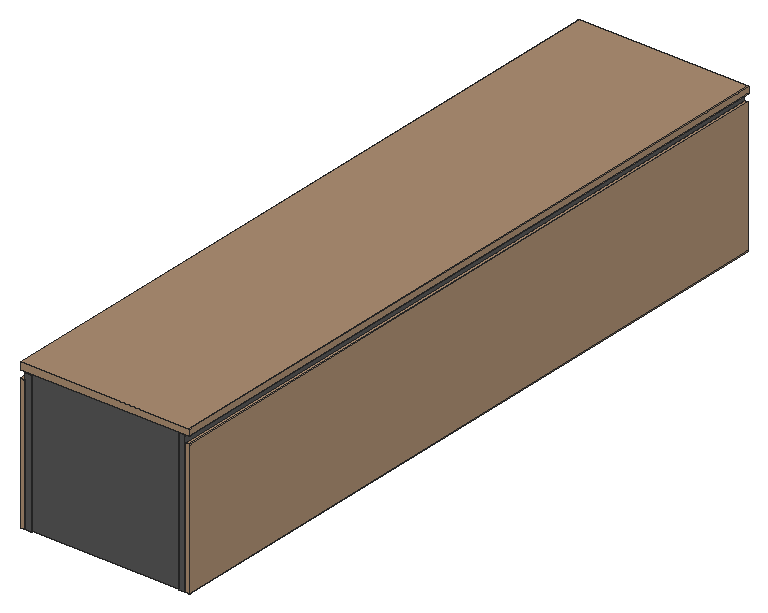
Revit family "Sanitary_Compound-Units_hansgrohe_54288XXX-Xilesa-E-Tall-cabinet_400-350_hinge-right", category Furniture, host Face, Revit 2022
Family settings
  Host = Face
  OmniClass Number = 23.21.19.15.33.13
  OmniClass Title = Residential Bathroom Specialty Casework
  Cut with Voids When Loaded = No
  Render Appearance Source = Family Geometry
  Shared = No
  Room Calculation Point = No
Parameters (values of type "550 Cashmere Oak")
  Version = 1  # constant formula
  URL = "https://www.hansgrohe.com/"
  Product data url = "https://www.bimobject.com/en/hansgrohe/product/54288XXX"
  Product Page URL = "https://www.hansgrohe.com/articledetail--54288550"
  Model = "54288XXX"  # constant formula
  Material 3 = Hansgrohe - Metal - Black
  Material 2 = Hansgrohe - MDF - Matt Black
  Material 1 = Hansgrohe - MDF - 550 Cashmere Oak (vertical)
  Manufacturer = "Hansgrohe"  # constant formula
  Height = 0 mm
  Description = "Xilesa E Tall cabinet 400/350, door hinge right"  # constant formula
  Default Elevation = 0 mm
  Date Updated = ""
  Date Created = "2024/02/03"  # constant formula
Types (5, lengths in mm): name | Material 1
  (no name) | Hansgrohe - MDF - 550 Cashmere Oak (vertical)
  550 Cashmere Oak | Hansgrohe - MDF - 550 Cashmere Oak (vertical)
  700 Matt White | Hansgrohe - MDF - 700 Matt White
  760 Slate Matt Grey | Hansgrohe - MDF - 760 Slate Matt Grey
  780 Sand Matt Beige | Hansgrohe - MDF - 780 Sand Matt Beige
Reference planes
  plane 1 "Center (Front/Back)": y = 0
  plane 2: z = 0
  plane 3 "Center (Left/Right)": x = 0
  plane 4: x = -200
  plane 5: x = 200
  plane 6: y = -1650
  plane 7: z = 350
Dimensions and locks
  aligned and locked: plane 2 to host face
  aligned and locked: level to host face
Nested families
  nested 1: "54288XXX" at (0, -1650, 0) x (1, 0, 0) z (0, 1, 0), Material 1 <- "Material 1", Material 2 <- "Material 2", Material 3 <- "Material 3", type "54288XXX"
    with Material 3 Hansgrohe - Metal - Black, Material 2 Hansgrohe - MDF - Matt Black, Material 1 Hansgrohe - MDF - 550 Cashmere Oak (vertical)
Definition of nested family "54288XXX"
  Parameters (values of type "54288XXX")
    Version = 1  # constant formula
    URL = "https://www.hansgrohe.com/"
    Product data url = "https://www.bimobject.com/en/hansgrohe/product/54288XXX"
    Product Page URL = "https://www.hansgrohe.com/articledetail--54288550"
    Model = "54288XXX"  # constant formula
    Material 3 [instance] = none
    Material 2 [instance] = none
    Material 1 [instance] = none
    Manufacturer = "Hansgrohe"  # constant formula
    Description = "Xilesa E Tall cabinet 400/350, door hinge right"  # constant formula
    Default Elevation = 1219.2 mm
    Date Updated = ""
    Date Created = "2024/12/16"  # constant formula
  Reference planes
    plane 1 "Center (Front/Back)": y = 0
    plane 2: z = 0
    plane 3 "Center (Left/Right)": x = 0
  Forms (mm)
    Extrusion 1, solid, material <- "Material 1", detail levels medium+fine
      sketch origin (0, 0, 0) x (1, 0, 0) y (0, 1, 0)
        loop
          line (-190.6, 0) -> (-199.2, 0)
          arc (-199.2, 0) -> (-199.766, -0.234) -> (-200, -0.8) r 0.8
          line (-200, -0.8) -> (-200, -315.9)
          arc (-200, -315.9) -> (-199.766, -316.466) -> (-199.2, -316.7) r 0.8
          line (-199.2, -316.7) -> (-190.6, -316.7)
          arc (-190.6, -316.7) -> (-190.034, -316.466) -> (-189.8, -315.9) r 0.8
          line (-189.8, -315.9) -> (-189.8, -0.8)
          arc (-189.8, -0.8) -> (-190.034, -0.234) -> (-190.6, 0) r 0.8
        loop
          arc (190.6, 0) -> (190.034, -0.234) -> (189.8, -0.8) r 0.8
          line (189.8, -0.8) -> (189.8, -315.9)
          arc (189.8, -315.9) -> (190.034, -316.466) -> (190.6, -316.7) r 0.8
          line (190.6, -316.7) -> (199.2, -316.7)
          arc (199.2, -316.7) -> (199.766, -316.466) -> (200, -315.9) r 0.8
          line (200, -315.9) -> (200, -0.8)
          arc (200, -0.8) -> (199.766, -0.234) -> (199.2, 0) r 0.8
          line (199.2, 0) -> (190.6, 0)
      from 0 to 1650
    Extrusion 2, solid, material <- "Material 1", detail levels medium+fine
      sketch origin (0, 0, 0) x (1, 0, 0) y (0, 1, 0)
        loop
          line (-199.2, -350) -> (199.2, -350)
          arc (199.2, -350) -> (199.766, -349.766) -> (200, -349.2) r 0.8
          line (200, -349.2) -> (200, -334.5)
          arc (200, -334.5) -> (199.766, -333.934) -> (199.2, -333.7) r 0.8
          line (199.2, -333.7) -> (-199.2, -333.7)
          arc (-199.2, -333.7) -> (-199.766, -333.934) -> (-200, -334.5) r 0.8
          line (-200, -334.5) -> (-200, -349.2)
          arc (-200, -349.2) -> (-199.766, -349.766) -> (-199.2, -350) r 0.8
      from 0 to 1650
    Extrusion 3, solid, material <- "Material 2", detail levels medium+fine
      sketch origin (0, 0, 0) x (1, 0, 0) y (0, 1, 0)
        loop
          line (-189.8, -0.8) -> (-189.8, -330.9)
          arc (-189.8, -330.9) -> (-189.566, -331.466) -> (-189, -331.7) r 0.8
          line (-189, -331.7) -> (-174.6, -331.7)
          arc (-174.6, -331.7) -> (-174.034, -331.466) -> (-173.8, -330.9) r 0.8
          line (-173.8, -330.9) -> (-173.8, -0.8)
          arc (-173.8, -0.8) -> (-174.034, -0.234) -> (-174.6, 0) r 0.8
          line (-174.6, 0) -> (-189, 0)
          arc (-189, 0) -> (-189.566, -0.234) -> (-189.8, -0.8) r 0.8
        loop
          arc (189.8, -0.8) -> (189.566, -0.234) -> (189, 0) r 0.8
          line (189, 0) -> (174.6, 0)
          arc (174.6, 0) -> (174.034, -0.234) -> (173.8, -0.8) r 0.8
          line (173.8, -0.8) -> (173.8, -330.9)
          arc (173.8, -330.9) -> (174.034, -331.466) -> (174.6, -331.7) r 0.8
          line (174.6, -331.7) -> (189, -331.7)
          arc (189, -331.7) -> (189.566, -331.466) -> (189.8, -330.9) r 0.8
          line (189.8, -330.9) -> (189.8, -0.8)
      from 0 to 1650
    Extrusion 4, solid, material <- "Material 2", detail levels fine
      sketch origin (0, 0, 0) x (1, 0, 0) y (0, 1, 0)
        loop
          line (-173.8, -17) -> (-173.8, -20) -> (173.8, -20) -> (173.8, -17) -> (-173.8, -17)
      from 17 to 1637.136
    Extrusion 5, solid, material <- "Material 2", detail levels fine
      sketch origin (0, 0, 0) x (1, 0, 0) y (0, 1, 0)
        loop
          line (-173.8, -1) -> (-173.8, -333.7) -> (173.8, -333.7) -> (173.8, -1) -> (-173.8, -1)
      from 0 to 17
    Extrusion 6, solid, material <- "Material 1", detail levels coarse
      sketch origin (0, 0, 0) x (1, 0, 0) y (0, 1, 0)
        loop
          line (-200, 0) -> (-200, -350) -> (200, -350) -> (200, 0) -> (-200, 0)
      from 0 to 1650
    Extrusion 7, solid, material <- "Material 2", detail levels medium+fine
      sketch origin (0, 0, 585) x (0, 1, 0) y (0, 0, 1)
        loop
          line (-330.2, 1048) -> (-2, 1048)
          arc (-2, 1048) -> (-1.293, 1048.293) -> (-1, 1049) r 1
          line (-1, 1049) -> (-1, 1063)
          arc (-1, 1063) -> (-1.293, 1063.707) -> (-2, 1064) r 1
          line (-2, 1064) -> (-330.2, 1064)
          arc (-330.2, 1064) -> (-330.907, 1063.707) -> (-331.2, 1063) r 1
          line (-331.2, 1063) -> (-331.2, 1049)
          arc (-331.2, 1049) -> (-330.907, 1048.293) -> (-330.2, 1048) r 1
      from -173.8 to 173.8
    Extrusion 8, solid, material <- "Material 3", detail levels fine
      sketch origin (30, -112, 314) x (-1, 0, 0) y (0, 0, -1)
        loop
          arc (-119.8, -482) -> (-120.972, -479.172) -> (-123.8, -478) r 4
          line (-123.8, -478) -> (-138.8, -478)
          arc (-138.8, -478) -> (-141.628, -479.172) -> (-142.8, -482) r 4
          line (-142.8, -482) -> (-142.8, -540)
          arc (-142.8, -540) -> (-141.628, -542.829) -> (-138.8, -544) r 4
          line (-138.8, -544) -> (-123.8, -544)
          arc (-123.8, -544) -> (-120.972, -542.829) -> (-119.8, -540) r 4
          line (-119.8, -540) -> (-119.8, -482)
      from 218.9 to 221.7
    Extrusion 9, solid, material <- "Material 3", detail levels fine
      sketch origin (30, -112, 314) x (0, 1, 0) y (0, 0, -1)
        loop
          arc (-149.706, -520.501) -> (-147.938, -519.768) -> (-147.206, -518.001) r 2.5
          line (-147.206, -518.001) -> (-147.206, -504.001)
          arc (-147.206, -504.001) -> (-147.938, -502.233) -> (-149.706, -501.501) r 2.5
          line (-149.706, -501.501) -> (-172.206, -501.501)
          arc (-172.206, -501.501) -> (-175.035, -500.329) -> (-176.206, -497.501) r 4
          line (-176.206, -497.501) -> (-176.206, -489.501)
          arc (-176.206, -489.501) -> (-176.938, -487.733) -> (-178.706, -487.001) r 2.5
          line (-178.706, -487.001) -> (-188.706, -487.001)
          arc (-188.706, -487.001) -> (-190.474, -487.733) -> (-191.206, -489.501) r 2.5
          line (-191.206, -489.501) -> (-191.206, -497.501)
          arc (-191.206, -497.501) -> (-192.378, -500.329) -> (-195.206, -501.501) r 4
          line (-195.206, -501.501) -> (-206.544, -501.501) -> (-206.544, -520.501) -> (-195.206, -520.501)
          arc (-195.206, -520.501) -> (-192.378, -521.672) -> (-191.206, -524.501) r 4
          line (-191.206, -524.501) -> (-191.206, -532.501)
          arc (-191.206, -532.501) -> (-190.474, -534.268) -> (-188.706, -535.001) r 2.5
          line (-188.706, -535.001) -> (-178.706, -535.001)
          arc (-178.706, -535.001) -> (-176.938, -534.268) -> (-176.206, -532.501) r 2.5
          line (-176.206, -532.501) -> (-176.206, -524.501)
          arc (-176.206, -524.501) -> (-175.035, -521.672) -> (-172.206, -520.501) r 4
          line (-172.206, -520.501) -> (-149.706, -520.501)
      from -143.8 to -140.45
    Extrusion 10, solid, material <- "Material 3", detail levels fine
      sketch origin (30, -112, 314) x (-1, 0, 0) y (0, -1, 0)
        loop
          line (-126.45, 219.2) -> (-140.45, 219.2) -> (-140.45, 147.206) -> (-138.299, 147.206) -> (-138.299, 155.486) -> (-133.066, 160.422) -> (-130.658, 160.187) -> (-126.45, 219.2)
      from 504.25 to 517.75
    Extrusion 11, solid, material <- "Material 3", detail levels fine
      sketch origin (30, -112, -426.001) x (-1, 0, 0) y (0, 0, -1)
        loop
          arc (-119.8, -482) -> (-120.972, -479.172) -> (-123.8, -478) r 4
          line (-123.8, -478) -> (-138.8, -478)
          arc (-138.8, -478) -> (-141.628, -479.172) -> (-142.8, -482) r 4
          line (-142.8, -482) -> (-142.8, -540)
          arc (-142.8, -540) -> (-141.628, -542.829) -> (-138.8, -544) r 4
          line (-138.8, -544) -> (-123.8, -544)
          arc (-123.8, -544) -> (-120.972, -542.829) -> (-119.8, -540) r 4
          line (-119.8, -540) -> (-119.8, -482)
      from 218.9 to 221.7
    Extrusion 12, solid, material <- "Material 3", detail levels fine
      sketch origin (30, -112, -426.001) x (0, 1, 0) y (0, 0, -1)
        loop
          arc (-149.706, -520.501) -> (-147.938, -519.768) -> (-147.206, -518.001) r 2.5
          line (-147.206, -518.001) -> (-147.206, -504.001)
          arc (-147.206, -504.001) -> (-147.938, -502.233) -> (-149.706, -501.501) r 2.5
          line (-149.706, -501.501) -> (-172.206, -501.501)
          arc (-172.206, -501.501) -> (-175.035, -500.329) -> (-176.206, -497.501) r 4
          line (-176.206, -497.501) -> (-176.206, -489.501)
          arc (-176.206, -489.501) -> (-176.938, -487.733) -> (-178.706, -487.001) r 2.5
          line (-178.706, -487.001) -> (-188.706, -487.001)
          arc (-188.706, -487.001) -> (-190.474, -487.733) -> (-191.206, -489.501) r 2.5
          line (-191.206, -489.501) -> (-191.206, -497.501)
          arc (-191.206, -497.501) -> (-192.378, -500.329) -> (-195.206, -501.501) r 4
          line (-195.206, -501.501) -> (-206.544, -501.501) -> (-206.544, -520.501) -> (-195.206, -520.501)
          arc (-195.206, -520.501) -> (-192.378, -521.672) -> (-191.206, -524.501) r 4
          line (-191.206, -524.501) -> (-191.206, -532.501)
          arc (-191.206, -532.501) -> (-190.474, -534.268) -> (-188.706, -535.001) r 2.5
          line (-188.706, -535.001) -> (-178.706, -535.001)
          arc (-178.706, -535.001) -> (-176.938, -534.268) -> (-176.206, -532.501) r 2.5
          line (-176.206, -532.501) -> (-176.206, -524.501)
          arc (-176.206, -524.501) -> (-175.035, -521.672) -> (-172.206, -520.501) r 4
          line (-172.206, -520.501) -> (-149.706, -520.501)
      from -143.8 to -140.45
    Extrusion 13, solid, material <- "Material 3", detail levels fine
      sketch origin (30, -112, -426.001) x (-1, 0, 0) y (0, -1, 0)
        loop
          line (-126.45, 219.2) -> (-140.45, 219.2) -> (-140.45, 147.206) -> (-138.299, 147.206) -> (-138.299, 155.486) -> (-133.066, 160.422) -> (-130.658, 160.187) -> (-126.45, 219.2)
      from 504.25 to 517.75
    Extrusion 14, solid, material <- "Material 3", detail levels fine
      sketch origin (30, -112, 1054) x (-1, 0, 0) y (0, 0, -1)
        loop
          arc (-119.8, -482) -> (-120.972, -479.172) -> (-123.8, -478) r 4
          line (-123.8, -478) -> (-138.8, -478)
          arc (-138.8, -478) -> (-141.628, -479.172) -> (-142.8, -482) r 4
          line (-142.8, -482) -> (-142.8, -540)
          arc (-142.8, -540) -> (-141.628, -542.829) -> (-138.8, -544) r 4
          line (-138.8, -544) -> (-123.8, -544)
          arc (-123.8, -544) -> (-120.972, -542.829) -> (-119.8, -540) r 4
          line (-119.8, -540) -> (-119.8, -482)
      from 218.9 to 221.7
    Extrusion 15, solid, material <- "Material 3", detail levels fine
      sketch origin (30, -112, 1054) x (0, 1, 0) y (0, 0, -1)
        loop
          arc (-149.706, -520.501) -> (-147.938, -519.768) -> (-147.206, -518.001) r 2.5
          line (-147.206, -518.001) -> (-147.206, -504.001)
          arc (-147.206, -504.001) -> (-147.938, -502.233) -> (-149.706, -501.501) r 2.5
          line (-149.706, -501.501) -> (-172.206, -501.501)
          arc (-172.206, -501.501) -> (-175.035, -500.329) -> (-176.206, -497.501) r 4
          line (-176.206, -497.501) -> (-176.206, -489.501)
          arc (-176.206, -489.501) -> (-176.938, -487.733) -> (-178.706, -487.001) r 2.5
          line (-178.706, -487.001) -> (-188.706, -487.001)
          arc (-188.706, -487.001) -> (-190.474, -487.733) -> (-191.206, -489.501) r 2.5
          line (-191.206, -489.501) -> (-191.206, -497.501)
          arc (-191.206, -497.501) -> (-192.378, -500.329) -> (-195.206, -501.501) r 4
          line (-195.206, -501.501) -> (-206.544, -501.501) -> (-206.544, -520.501) -> (-195.206, -520.501)
          arc (-195.206, -520.501) -> (-192.378, -521.672) -> (-191.206, -524.501) r 4
          line (-191.206, -524.501) -> (-191.206, -532.501)
          arc (-191.206, -532.501) -> (-190.474, -534.268) -> (-188.706, -535.001) r 2.5
          line (-188.706, -535.001) -> (-178.706, -535.001)
          arc (-178.706, -535.001) -> (-176.938, -534.268) -> (-176.206, -532.501) r 2.5
          line (-176.206, -532.501) -> (-176.206, -524.501)
          arc (-176.206, -524.501) -> (-175.035, -521.672) -> (-172.206, -520.501) r 4
          line (-172.206, -520.501) -> (-149.706, -520.501)
      from -143.8 to -140.45
    Extrusion 16, solid, material <- "Material 3", detail levels fine
      sketch origin (30, -112, 1054) x (-1, 0, 0) y (0, -1, 0)
        loop
          line (-126.45, 219.2) -> (-140.45, 219.2) -> (-140.45, 147.206) -> (-138.299, 147.206) -> (-138.299, 155.486) -> (-133.066, 160.422) -> (-130.658, 160.187) -> (-126.45, 219.2)
      from 504.25 to 517.75
  Lines and regions (mm)
    Masking region 1
      outline origin (0, 0, 0) x (1, 0, 0) y (0, 0, 1)
        loop
          line (-199, 0) -> (0, 0) -> (199, 0)
          arc (199, 0) -> (199.707, 0.293) -> (200, 1) r 1
          line (200, 1) -> (200, 1649)
          arc (200, 1649) -> (199.707, 1649.707) -> (199, 1650) r 1
          line (199, 1650) -> (-199, 1650)
          arc (-199, 1650) -> (-199.707, 1649.707) -> (-200, 1649) r 1
          line (-200, 1649) -> (-200, 1)
          arc (-200, 1) -> (-199.707, 0.293) -> (-199, 0) r 1
    Masking region 2
      outline origin (0, 0, 0) x (0, 1, 0) y (0, 0, 1)
        loop
          line (-1, 1650) -> (-330.7, 1650)
          arc (-330.7, 1650) -> (-331.407, 1649.707) -> (-331.7, 1649) r 1
          line (-331.7, 1649) -> (-331.7, 1634.125) -> (-333.7, 1634.3) -> (-333.7, 1649)
          arc (-333.7, 1649) -> (-333.993, 1649.707) -> (-334.7, 1650) r 1
          line (-334.7, 1650) -> (-349, 1650)
          arc (-349, 1650) -> (-349.707, 1649.707) -> (-350, 1649) r 1
          line (-350, 1649) -> (-350, 1)
          arc (-350, 1) -> (-349.707, 0.293) -> (-349, 0) r 1
          line (-349, 0) -> (-334.7, 0)
          arc (-334.7, 0) -> (-333.993, 0.293) -> (-333.7, 1) r 1
          line (-333.7, 1) -> (-333.7, 15.692) -> (-331.7, 15.867) -> (-331.7, 1)
          arc (-331.7, 1) -> (-331.407, 0.293) -> (-330.7, 0) r 1
          line (-330.7, 0) -> (-1, 0)
          arc (-1, 0) -> (-0.293, 0.293) -> (0, 1) r 1
          line (0, 1) -> (0, 1649)
          arc (0, 1649) -> (-0.293, 1649.707) -> (-1, 1650) r 1
    Masking region 3
      outline origin (0, 0, 0) x (1, 0, 0) y (0, 1, 0)
        loop
          arc (200, -1) -> (199.707, -0.293) -> (199, 0) r 1
          line (199, 0) -> (174.8, 0)
          arc (174.8, 0) -> (174.093, -0.293) -> (173.8, -1) r 1
          line (173.8, -1) -> (0, -1) -> (-173.8, -1)
          arc (-173.8, -1) -> (-174.093, -0.293) -> (-174.8, 0) r 1
          line (-174.8, 0) -> (-199, 0)
          arc (-199, 0) -> (-199.707, -0.293) -> (-200, -1) r 1
          line (-200, -1) -> (-200, -315.7)
          arc (-200, -315.7) -> (-199.707, -316.407) -> (-199, -316.7) r 1
          line (-199, -316.7) -> (-189.8, -316.7) -> (-189.8, -330.7)
          arc (-189.8, -330.7) -> (-189.507, -331.407) -> (-188.8, -331.7) r 1
          line (-188.8, -331.7) -> (-173, -331.7) -> (-173, -333.7) -> (-199, -333.7)
          arc (-199, -333.7) -> (-199.707, -333.993) -> (-200, -334.7) r 1
          line (-200, -334.7) -> (-200, -349)
          arc (-200, -349) -> (-199.707, -349.707) -> (-199, -350) r 1
          line (-199, -350) -> (0, -350) -> (199, -350)
          arc (199, -350) -> (199.707, -349.707) -> (200, -349) r 1
          line (200, -349) -> (200, -334.7)
          arc (200, -334.7) -> (199.707, -333.993) -> (199, -333.7) r 1
          line (199, -333.7) -> (173, -333.7) -> (173, -331.7) -> (188.8, -331.7)
          arc (188.8, -331.7) -> (189.507, -331.407) -> (189.8, -330.7) r 1
          line (189.8, -330.7) -> (189.8, -316.7) -> (199, -316.7)
          arc (199, -316.7) -> (199.707, -316.407) -> (200, -315.7) r 1
          line (200, -315.7) -> (200, -1)
    symbolic lines, detail levels medium+fine
      curve 1: line (0, -333.7, 1634.164) -> (0, -333.7, 15.692)
      curve 2: line (0, -331.7, 15.867) -> (0, -331.7, 1648.852)
      curve 5: line (0, -333.7, 1625.732) -> (0, -331.7, 1625.907)
      curve 6: line (0, -333.7, 24.317) -> (0, -331.7, 24.107)
      curve 7: line (-189.8, -316.7, 0) -> (-189.8, 0, 0)
      curve 9: line (-173, -333.7, 0) -> (0, -333.7, 0)
      curve 10: line (-173, -331.7, 0) -> (173, -331.7, 0)
      curve 12: line (189.8, -316.7, 0) -> (189.8, 0, 0)
      curve 14: line (173, -333.7, 0) -> (0, -333.7, 0)
    symbolic lines, detail levels fine
      curve 3: line (0, -316.7, 1649) -> (0, -316.7, 0)
      curve 4: arc (0, -315.7, 1650) -> (0, -316.407, 1649.707) -> (0, -316.7, 1649) r 1
      curve 8: line (-173.8, -1, 0) -> (-173.8, -331.7, 0)
      curve 11: line (-150, -333.7, 0) -> (-150, -331.7, 0)
      curve 13: line (173.8, -1, 0) -> (173.8, -331.7, 0)
      curve 15: line (150, -333.7, 0) -> (150, -331.7, 0)
  Dimensions and locks
    aligned and locked: level to plane 2
